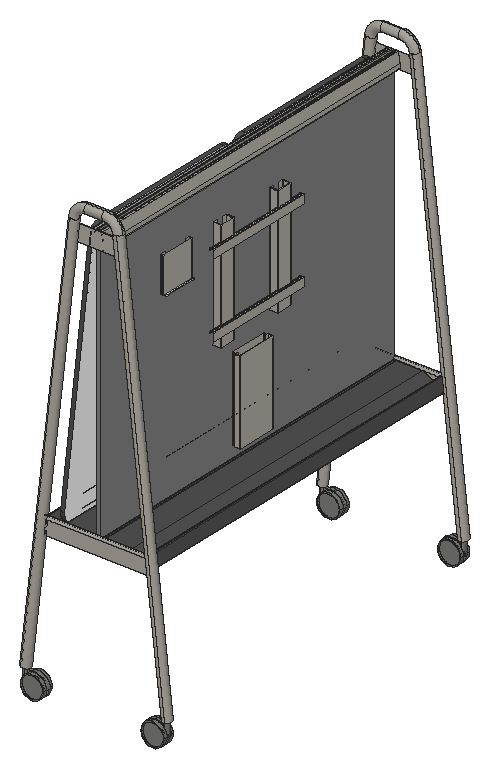
Revit family "Work_Tools_&_Leg_Screens-Teknion-CQCTB_Routes_Tech_Board-R2022", category Furniture, Revit 2022
Family settings
  OmniClass Number = 23.40.20.00
  OmniClass Title = General Furniture and Specialties
  Work Plane-Based = No
  Always vertical = Yes
  Cut with Voids When Loaded = No
  Render Appearance Source = Family Geometry
  Shared = Yes
  Room Calculation Point = No
Parameters (values of type "Two Whiteboard Add Ons, 77" h x 64" w")
  Warranty = "http://www.teknion.com/ca/papers/legal-canada"
  Unit Weight URL = "http://www.teknion.com/ca/tools/assets#&asset=bee6a381-b954-425e-8283-5a2de3a804f2,f828d448-4b62-4231-9e5f-9a8991c0ed77"
  URL = "www.teknion.com"
  To render please download texture images found here [instance] = "https://assets.teknion.com/web/5e81352c1dfdb467/revit-material-swatches/"
  Tackboard Fabric [instance] = Fabric-Teknion-LP18-Intone-Lute
  Sustainability Data = "https://www.teknion.com/ca/tools/assets#&topic=216f99a5-57a0-44fc-b10a-9dee9b29ae4c&asset=444deb64-fe58-4b68-981e-f75e97781df7,b4ff2d81-9f2e-437d-9659-7cffb09c31cf"
  Series = "Routes"  # constant formula
  Right Whiteboard Add On Board = yes
  Right Tackboard Add On Board = no
  Product Page URL = "https://www.teknion.com/ca/products/all-products"
  Product Line = "Routes"  # constant formula
  Product Documentation Link = "https://assets.teknion.com/m/72af4764f50e983c/original/Routes-Reference-Guide.pdf"
  Part Number = "CQCTB"  # constant formula
  Model = "CQCTBW7764S"
  Manufacturer Phone = "416-661-3370"  # constant formula
  Manufacturer Fax = "416.661.4586"  # constant formula
  Manufacturer Contact Information = "http://www.teknion.com/ca/contactus"
  Manufacturer Address = "1150 Flint Road, Toronto, ON. M3J 2J5. Canada"  # constant formula
  Manufacturer = "Teknion"  # constant formula
  Left Whiteboard Add On = yes
  Left Tackboard Add On = no
  How To Use Teknion Materials User Guide [instance] = "https://assets.teknion.com/m/205dd0a49fa58060/original/How-to-add-a-Material-Library-and-Texture-Images-to-your-Revit-project.pdf"
  Frame Finish [instance] = Paint-Teknion-85-Y-Foundation-Clay
  For Additional Finishes please visit [instance] = "https://assets.teknion.com/m/44a8009b046e5d47/original/Teknion_Materials_Library.zip"
  Fixed Board Finish [instance] = Laminate - Teknion - 2S - Greystone
  Description = "Routes Tech Board, Two Whiteboard Add Ons, 77\" Height, 64\" Width, Vesa Screen Mount up to 65\""
  Default Elevation = 0.000"
  Assembly Code = "E2020200"
  2D Add On Board = yes
Reference planes (in)
  plane 1 "Center Front/Back": y = -0.92931
  plane 2: z = 0
  plane 3 "Center Left/Right": x = -0.32293
  plane 4 "Left": x = -12.98106
  plane 5 "Right": x = 12.3352
  plane 6 "Back": y = 31.28349
  plane 7 "Front": y = -33.14211
  plane 8 "Top": z = 77.87003
Forms (in)
  Sweep 1, solid, material "Paint-Teknion-85-Y-Foundation-Clay" <- "Frame Finish"
    path in 3D
      loop
        line (-12.24051, -31.50211, 4.29149) -> (-4.05096, -31.50211, 75.18009)
    profile origin (-8.14574, -31.50211, 39.73579) x (0.315475, 0.948234, -0.036446) y (-0.941969, 0.317573, 0.108823)
      loop
        circle (-0.72648, -0.21556) r 0.75
  Sweep 2, solid, material "Paint-Teknion-85-Y-Foundation-Clay" <- "Frame Finish"
    path origin (0, -0.92931, 0) x (1, 0, 0) y (0, 0, 1)
      loop
        arc (-4.04356, 75.12756) -> (-3.30313, 76.52782) -> (-1.82152, 77.08798) r 2.2395
        line (-1.82152, 77.08798) -> (1.17567, 77.08798)
        arc (1.17567, 77.08798) -> (2.65728, 76.52782) -> (3.39771, 75.12756) r 2.2395
    profile origin (-0.32293, -0.92931, 77.08798) x (0, 0, 1) y (0, -1, 0)
      loop
        circle (0.03405, 31.31253) r 0.75
  Sweep 3, solid, material "Paint-Teknion-85-Y-Foundation-Clay" <- "Frame Finish"
    path in 3D
      loop
        line (11.59466, -31.50211, 4.29149) -> (3.40511, -31.50211, 75.18009)
    profile origin (7.49988, -31.50211, 39.73579) x (0.315475, -0.948234, 0.036446) y (0.941969, 0.317573, 0.108823)
      loop
        circle (0.72648, -0.21556) r 0.75
  Sweep 4, solid, material "Paint-Teknion-85-Y-Foundation-Clay" <- "Frame Finish"
    path origin (-0.32293, 0, 0) x (0, 1, 0) y (0, 0, 1)
      loop
        line (-32.32681, 73.15031) -> (-32.25211, 73.15031)
    profile origin (-0.32293, -32.28946, 73.15031) x (0, 0, 1) y (1, 0, 0)
      loop
        line (1.21983, -3.06138) -> (1.21983, 3.06362) -> (-1.53017, 3.38132) -> (-1.53017, -3.37907) -> (1.21983, -3.06138)
  Sweep 5, solid, material "Paint - Teknion - Mica - Anthracite"
    path origin (-5.7779, -20.86634, 0.81648) x (0, 1, 0) y (-1, 0, 0)
      loop
        line (-11.06077, 4.73731) -> (-10.49577, 4.73731)
    profile origin (-10.51521, -31.64461, 0.81648) x (-1, 0, 0) y (0, 0, 1)
      loop
        circle (0.00391, 1.14732) r 1.96188
  Sweep 6, solid, material "Paint - Teknion - Mica - Anthracite"
    path origin (-5.79896, -22.08134, 1.64815) x (0, 1, 0) y (-1, 0, 0)
      loop
        line (-10.45577, 4.34909) -> (-9.88577, 4.34909)
    profile origin (-10.14805, -32.25211, 1.64815) x (-1, 0, 0) y (0, 0, 1)
      loop
        arc (-1.59082, 0.31879) -> (0.37106, 2.28067) -> (2.33294, 0.31879) r 1.96188
        line (2.33294, 0.31879) -> (2.45938, 0.31879)
        arc (2.45938, 0.31879) -> (2.28891, 1.14404) -> (1.80541, 1.83421) r 2.08282
        line (1.80541, 1.83421) -> (1.80541, 2.34334) -> (0.86576, 2.34334)
        arc (0.86576, 2.34334) -> (-0.9117, 1.9554) -> (-1.70625, 0.31879) r 2.08282
        line (-1.70625, 0.31879) -> (-1.59082, 0.31879)
  Sweep 7, solid, material "Paint - Teknion - Mica - Anthracite"
    path origin (-6.54021, -21.74421, 1.47507) x (-1, 0, 0) y (0, 0, 1)
      loop
        line (5.66303, 2.79995) -> (5.66303, 0.47833)
    profile origin (-12.20324, -21.74421, 3.11421) x (0, 1, 0) y (-1, 0, 0)
      loop
        circle (-10.50525, 0.00179) r 0.40398
  Sweep 8, solid, material "Paint - Teknion - Mica - Anthracite"
    path origin (-15.26033, -43.63787, 0.81648) x (0, -1, 0) y (1, 0, 0)
      loop
        line (-11.06077, 4.73731) -> (-10.49577, 4.73731)
    profile origin (-10.52302, -32.85961, 0.81648) x (1, 0, 0) y (0, 0, 1)
      loop
        circle (0.00391, 1.14732) r 1.96188
  Sweep 9, void
    path origin (-15.28785, -44.02787, 0.8191) x (0, -1, 0) y (1, 0, 0)
      loop
        line (-11.06077, 4.79585) -> (-10.88577, 4.79585)
    profile origin (-10.492, -33.05461, 0.8191) x (1, 0, 0) y (0, 0, 1)
      loop
        circle (-0.03901, 1.14732) r 1.85693
  Sweep 10, void
    path origin (-15.28785, -20.47634, 0.8191) x (0, 1, 0) y (-1, 0, 0)
      loop
        line (-11.06077, -4.79585) -> (-10.88577, -4.79585)
    profile origin (-10.492, -31.44961, 0.8191) x (-1, 0, 0) y (0, 0, 1)
      loop
        circle (0.03901, 1.14732) r 1.85693
  Sweep 11, solid, material "Paint - Teknion - Mica - Anthracite"
    path origin (5.13205, -20.86634, 0.81648) x (0, 1, 0) y (-1, 0, 0)
      loop
        line (-11.06077, -4.73731) -> (-10.49577, -4.73731)
    profile origin (9.86936, -31.64461, 0.81648) x (-1, 0, 0) y (0, 0, 1)
      loop
        circle (-0.00391, 1.14732) r 1.96188
  Sweep 12, solid, material "Paint - Teknion - Mica - Anthracite"
    path origin (5.89436, -21.74421, 1.47507) x (1, 0, 0) y (0, 0, -1)
      loop
        line (5.66303, -2.79995) -> (5.66303, -0.47833)
    profile origin (11.55738, -21.74421, 3.11421) x (0, 1, 0) y (-1, 0, 0)
      loop
        circle (-10.50525, -0.00179) r 0.40398
  Sweep 13, solid, material "Paint - Teknion - Mica - Anthracite"
    path origin (14.61448, -43.63787, 0.81648) x (0, -1, 0) y (1, 0, 0)
      loop
        line (-11.06077, -4.73731) -> (-10.49577, -4.73731)
    profile origin (9.87717, -32.85961, 0.81648) x (1, 0, 0) y (0, 0, 1)
      loop
        circle (-0.00391, 1.14732) r 1.96188
  Sweep 14, void
    path origin (14.64199, -44.02787, 0.8191) x (0, -1, 0) y (1, 0, 0)
      loop
        line (-11.06077, -4.79585) -> (-10.88577, -4.79585)
    profile origin (9.84614, -33.05461, 0.8191) x (1, 0, 0) y (0, 0, 1)
      loop
        circle (0.03901, 1.14732) r 1.85693
  Sweep 15, void
    path origin (14.64199, -20.47634, 0.8191) x (0, 1, 0) y (-1, 0, 0)
      loop
        line (-11.06077, 4.79585) -> (-10.88577, 4.79585)
    profile origin (9.84614, -31.44961, 0.8191) x (-1, 0, 0) y (0, 0, 1)
      loop
        circle (-0.03901, 1.14732) r 1.85693
  Sweep 16, solid, material "Paint-Teknion-85-Y-Foundation-Clay" <- "Frame Finish"
    path in 3D
      loop
        line (-12.24051, 31.14349, 4.29149) -> (-4.05096, 31.14349, 75.18009)
    profile origin (-8.14574, 31.14349, 39.73579) x (0.315475, 0.948234, -0.036446) y (-0.941969, 0.317573, 0.108823)
      loop
        circle (-0.72648, -0.21556) r 0.75
  Sweep 17, solid, material "Paint-Teknion-85-Y-Foundation-Clay" <- "Frame Finish"
    path origin (0, 61.71629, 0) x (1, 0, 0) y (0, 0, 1)
      loop
        arc (-4.04356, 75.12756) -> (-3.30313, 76.52782) -> (-1.82152, 77.08798) r 2.2395
        line (-1.82152, 77.08798) -> (1.17567, 77.08798)
        arc (1.17567, 77.08798) -> (2.65728, 76.52782) -> (3.39771, 75.12756) r 2.2395
    profile origin (-0.32293, 61.71629, 77.08798) x (0, 0, 1) y (0, -1, 0)
      loop
        circle (0.03405, 31.31253) r 0.75
  Sweep 18, solid, material "Paint-Teknion-85-Y-Foundation-Clay" <- "Frame Finish"
    path in 3D
      loop
        line (11.59466, 31.14349, 4.29149) -> (3.40511, 31.14349, 75.18009)
    profile origin (7.49988, 31.14349, 39.73579) x (0.315475, -0.948234, 0.036446) y (0.941969, 0.317573, 0.108823)
      loop
        circle (0.72648, -0.21556) r 0.75
  Sweep 19, solid, material "Paint-Teknion-85-Y-Foundation-Clay" <- "Frame Finish"
    path origin (-0.32293, 62.6456, 0) x (0, 1, 0) y (0, 0, 1)
      loop
        line (-32.32681, 73.15031) -> (-32.25211, 73.15031)
    profile origin (-0.32293, 30.35614, 73.15031) x (0, 0, 1) y (1, 0, 0)
      loop
        line (1.21983, -3.06138) -> (1.21983, 3.06362) -> (-1.53017, 3.38132) -> (-1.53017, -3.37907) -> (1.21983, -3.06138)
  Sweep 20, solid, material "Paint - Teknion - Mica - Anthracite"
    path origin (5.1531, -22.08134, 1.64815) x (0, 1, 0) y (-1, 0, 0)
      loop
        line (-10.45577, -4.34909) -> (-9.88577, -4.34909)
    profile origin (9.50219, -32.25211, 1.64815) x (-1, 0, 0) y (0, 0, 1)
      loop
        line (1.59082, 0.31879) -> (1.70625, 0.31879)
        arc (1.70625, 0.31879) -> (0.9117, 1.9554) -> (-0.86576, 2.34334) r 2.08282
        line (-0.86576, 2.34334) -> (-1.80541, 2.34334) -> (-1.80541, 1.83421)
        arc (-1.80541, 1.83421) -> (-2.28891, 1.14404) -> (-2.45938, 0.31879) r 2.08282
        line (-2.45938, 0.31879) -> (-2.33294, 0.31879)
        arc (-2.33294, 0.31879) -> (-0.37106, 2.28067) -> (1.59082, 0.31879) r 1.96188
  Sweep 21, solid, material "Paint - Teknion - Mica - Anthracite"
    path origin (-5.7779, 41.77926, 0.81648) x (0, 1, 0) y (-1, 0, 0)
      loop
        line (-11.06077, 4.73731) -> (-10.49577, 4.73731)
    profile origin (-10.51521, 31.00099, 0.81648) x (-1, 0, 0) y (0, 0, 1)
      loop
        circle (0.00391, 1.14732) r 1.96188
  Sweep 22, solid, material "Paint - Teknion - Mica - Anthracite"
    path origin (-5.79896, 40.56426, 1.64815) x (0, 1, 0) y (-1, 0, 0)
      loop
        line (-10.45577, 4.34909) -> (-9.88577, 4.34909)
    profile origin (-10.14805, 30.39349, 1.64815) x (-1, 0, 0) y (0, 0, 1)
      loop
        arc (-1.59082, 0.31879) -> (0.37106, 2.28067) -> (2.33294, 0.31879) r 1.96188
        line (2.33294, 0.31879) -> (2.45938, 0.31879)
        arc (2.45938, 0.31879) -> (2.28891, 1.14404) -> (1.80541, 1.83421) r 2.08282
        line (1.80541, 1.83421) -> (1.80541, 2.34334) -> (0.86576, 2.34334)
        arc (0.86576, 2.34334) -> (-0.9117, 1.9554) -> (-1.70625, 0.31879) r 2.08282
        line (-1.70625, 0.31879) -> (-1.59082, 0.31879)
  Sweep 23, solid, material "Paint - Teknion - Mica - Anthracite"
    path origin (-6.54021, 40.90139, 1.47507) x (-1, 0, 0) y (0, 0, 1)
      loop
        line (5.66303, 2.79995) -> (5.66303, 0.47833)
    profile origin (-12.20324, 40.90139, 3.11421) x (0, 1, 0) y (-1, 0, 0)
      loop
        circle (-10.50525, 0.00179) r 0.40398
  Sweep 24, solid, material "Paint - Teknion - Mica - Anthracite"
    path origin (-15.26033, 19.00773, 0.81648) x (0, -1, 0) y (1, 0, 0)
      loop
        line (-11.06077, 4.73731) -> (-10.49577, 4.73731)
    profile origin (-10.52302, 29.78599, 0.81648) x (1, 0, 0) y (0, 0, 1)
      loop
        circle (0.00391, 1.14732) r 1.96188
  Sweep 25, void
    path origin (-15.28785, 18.61773, 0.8191) x (0, -1, 0) y (1, 0, 0)
      loop
        line (-11.06077, 4.79585) -> (-10.88577, 4.79585)
    profile origin (-10.492, 29.59099, 0.8191) x (1, 0, 0) y (0, 0, 1)
      loop
        circle (-0.03901, 1.14732) r 1.85693
  Sweep 26, void
    path origin (-15.28785, 42.16926, 0.8191) x (0, 1, 0) y (-1, 0, 0)
      loop
        line (-11.06077, -4.79585) -> (-10.88577, -4.79585)
    profile origin (-10.492, 31.19599, 0.8191) x (-1, 0, 0) y (0, 0, 1)
      loop
        circle (0.03901, 1.14732) r 1.85693
  Sweep 27, solid, material "Paint - Teknion - Mica - Anthracite"
    path origin (5.13205, 41.77926, 0.81648) x (0, 1, 0) y (-1, 0, 0)
      loop
        line (-11.06077, -4.73731) -> (-10.49577, -4.73731)
    profile origin (9.86936, 31.00099, 0.81648) x (-1, 0, 0) y (0, 0, 1)
      loop
        circle (-0.00391, 1.14732) r 1.96188
  Sweep 28, solid, material "Paint - Teknion - Mica - Anthracite"
    path origin (5.89436, 40.90139, 1.47507) x (1, 0, 0) y (0, 0, -1)
      loop
        line (5.66303, -2.79995) -> (5.66303, -0.47833)
    profile origin (11.55738, 40.90139, 3.11421) x (0, 1, 0) y (-1, 0, 0)
      loop
        circle (-10.50525, -0.00179) r 0.40398
  Sweep 29, solid, material "Paint - Teknion - Mica - Anthracite"
    path origin (14.61448, 19.00773, 0.81648) x (0, -1, 0) y (1, 0, 0)
      loop
        line (-11.06077, -4.73731) -> (-10.49577, -4.73731)
    profile origin (9.87717, 29.78599, 0.81648) x (1, 0, 0) y (0, 0, 1)
      loop
        circle (-0.00391, 1.14732) r 1.96188
  Sweep 30, void
    path origin (14.64199, 18.61773, 0.8191) x (0, -1, 0) y (1, 0, 0)
      loop
        line (-11.06077, -4.79585) -> (-10.88577, -4.79585)
    profile origin (9.84614, 29.59099, 0.8191) x (1, 0, 0) y (0, 0, 1)
      loop
        circle (0.03901, 1.14732) r 1.85693
  Sweep 31, void
    path origin (14.64199, 42.16926, 0.8191) x (0, 1, 0) y (-1, 0, 0)
      loop
        line (-11.06077, 4.79585) -> (-10.88577, 4.79585)
    profile origin (9.84614, 31.19599, 0.8191) x (-1, 0, 0) y (0, 0, 1)
      loop
        circle (-0.03901, 1.14732) r 1.85693
  Sweep 32, solid, material "Paint - Teknion - Mica - Anthracite"
    path origin (5.1531, 40.56426, 1.64815) x (0, 1, 0) y (-1, 0, 0)
      loop
        line (-10.45577, -4.34909) -> (-9.88577, -4.34909)
    profile origin (9.50219, 30.39349, 1.64815) x (-1, 0, 0) y (0, 0, 1)
      loop
        line (1.59082, 0.31879) -> (1.70625, 0.31879)
        arc (1.70625, 0.31879) -> (0.9117, 1.9554) -> (-0.86576, 2.34334) r 2.08282
        line (-0.86576, 2.34334) -> (-1.80541, 2.34334) -> (-1.80541, 1.83421)
        arc (-1.80541, 1.83421) -> (-2.28891, 1.14404) -> (-2.45938, 0.31879) r 2.08282
        line (-2.45938, 0.31879) -> (-2.33294, 0.31879)
        arc (-2.33294, 0.31879) -> (-0.37106, 2.28067) -> (1.59082, 0.31879) r 1.96188
  Sweep 33, solid, material "Paint - Teknion - Foundation - Ebony"
    path origin (0, 0, 0) x (1, 0, 0) y (0, 1, 0)
      loop
        line (-0.32293, 29.89349) -> (-0.32293, -31.75211)
    profile origin (-0.32293, -0.92931, 0) x (1, 0, 0) y (0, 0, 1)
      loop
        arc (8.69542, 27.95601) -> (8.56829, 28.08765) -> (8.41061, 27.99477) r 0.1478
        line (8.41061, 27.99477) -> (7.96938, 26.86014)
        arc (7.96938, 26.86014) -> (7.73111, 26.62732) -> (7.399, 26.65339) r 0.403
        line (7.399, 26.65339) -> (5.45612, 27.72604) -> (0.42612, 27.72604) -> (0.42612, 26.75604)
        arc (0.42612, 26.75604) -> (0.41734, 26.73482) -> (0.39612, 26.72604) r 0.03
        line (0.39612, 26.72604) -> (-0.39388, 26.72604)
        arc (-0.39388, 26.72604) -> (-0.41509, 26.73482) -> (-0.42388, 26.75604) r 0.03
        line (-0.42388, 26.75604) -> (-0.42388, 27.72604) -> (-5.45388, 27.72604) -> (-7.39675, 26.65339)
        arc (-7.39675, 26.65339) -> (-7.72886, 26.62732) -> (-7.96713, 26.86014) r 0.403
        line (-7.96713, 26.86014) -> (-8.40836, 27.99477)
        arc (-8.40836, 27.99477) -> (-8.56604, 28.08765) -> (-8.69317, 27.95601) r 0.1478
        line (-8.69317, 27.95601) -> (-8.92367, 25.66689)
        arc (-8.92367, 25.66689) -> (-8.87914, 25.61238) -> (-8.82464, 25.65691) r 0.04977
        line (-8.82464, 25.65691) -> (-8.77953, 26.10488) -> (-8.831, 26.11006) -> (-8.64561, 27.95122)
        arc (-8.64561, 27.95122) -> (-8.5596, 28.04029) -> (-8.45291, 27.97745) r 0.1
        line (-8.45291, 27.97745) -> (-8.01168, 26.84281)
        arc (-8.01168, 26.84281) -> (-7.74515, 26.58238) -> (-7.37364, 26.61155) r 0.4508
        line (-7.37364, 26.61155) -> (-5.44156, 27.67824) -> (-0.92388, 27.67824) -> (-0.92388, 27.60354) -> (-0.52858, 27.60354)
        arc (-0.52858, 27.60354) -> (-0.50736, 27.59475) -> (-0.49858, 27.57354) r 0.03
        line (-0.49858, 27.57354) -> (-0.49858, 26.75604)
        arc (-0.49858, 26.75604) -> (-0.46791, 26.682) -> (-0.39388, 26.65134) r 0.1047
        line (-0.39388, 26.65134) -> (0.39612, 26.65134)
        arc (0.39612, 26.65134) -> (0.47016, 26.682) -> (0.50082, 26.75604) r 0.1047
        line (0.50082, 26.75604) -> (0.50082, 27.57354)
        arc (0.50082, 27.57354) -> (0.50961, 27.59475) -> (0.53082, 27.60354) r 0.03
        line (0.53082, 27.60354) -> (0.92612, 27.60354) -> (0.92612, 27.67824) -> (5.44381, 27.67824) -> (7.37589, 26.61155)
        arc (7.37589, 26.61155) -> (7.74739, 26.58238) -> (8.01393, 26.84281) r 0.4508
        line (8.01393, 26.84281) -> (8.45516, 27.97745)
        arc (8.45516, 27.97745) -> (8.56185, 28.04029) -> (8.64786, 27.95122) r 0.1
        line (8.64786, 27.95122) -> (8.83325, 26.11006) -> (8.78178, 26.10488) -> (8.82689, 25.65691)
        arc (8.82689, 25.65691) -> (8.88139, 25.61238) -> (8.92592, 25.66689) r 0.04977
        line (8.92592, 25.66689) -> (8.69542, 27.95601)
  Sweep 34, solid, material "Paint-Teknion-85-Y-Foundation-Clay" <- "Frame Finish"
    path origin (0, 0, 0) x (1, 0, 0) y (0, 1, 0)
      loop
        line (-9.31799, 30.56879) -> (8.68201, 30.56879)
    profile origin (-0.31799, 30.56879, 0) x (0, 1, 0) y (0, 0, 1)
      loop
        arc (0.0747, 27.73009) -> (-0.3003, 28.10509) -> (-0.6753, 27.73009) r 0.375
        line (-0.6753, 27.73009) -> (-0.6753, 25.35509) -> (-0.6006, 25.35509) -> (-0.6006, 27.73009)
        arc (-0.6006, 27.73009) -> (-0.3003, 28.03039) -> (0, 27.73009) r 0.3003
        line (0, 27.73009) -> (0, 25.35509) -> (0.0747, 25.35509) -> (0.0747, 27.73009)
  Sweep 35, solid, material "Paint-Teknion-85-Y-Foundation-Clay" <- "Frame Finish"
    path origin (0, -62.3956, 0) x (1, 0, 0) y (0, 1, 0)
      loop
        line (-9.32562, 30.56879) -> (8.67438, 30.56879)
    profile origin (-0.32562, -31.82681, 0) x (0, 1, 0) y (0, 0, 1)
      loop
        arc (0.0747, 27.73009) -> (-0.3003, 28.10509) -> (-0.6753, 27.73009) r 0.375
        line (-0.6753, 27.73009) -> (-0.6753, 25.35509) -> (-0.6006, 25.35509) -> (-0.6006, 27.73009)
        arc (-0.6006, 27.73009) -> (-0.3003, 28.03039) -> (0, 27.73009) r 0.3003
        line (0, 27.73009) -> (0, 25.35509) -> (0.0747, 25.35509) -> (0.0747, 27.73009)
  Sweep 36, solid, material "Laminate - Teknion - 2S - Greystone" <- "Fixed Board Finish"
    path origin (-0.64585, 0, 0) x (-1, 0, 0) y (0, 1, 0)
      loop
        line (-0.68055, -0.92931) -> (0.0347, -0.92931)
    profile origin (-0.32293, -0.92931, 0) x (0, -1, 0) y (0, 0, 1)
      loop
        line (30.77747, 74.23244) -> (-30.94227, 74.23244) -> (-30.94227, 26.76541) -> (30.77747, 26.76541) -> (30.77747, 74.23244)
  Sweep 37, solid, material "Paint-Teknion-85-Y-Foundation-Clay" <- "Frame Finish"
    path origin (0, 0, 0) x (1, 0, 0) y (0, 1, 0)
      loop
        line (-0.32293, 30.31879) -> (-0.32293, -32.25211)
    profile origin (-0.32293, -0.96666, 0) x (1, 0, 0) y (0, 0, 1)
      loop
        line (-0.92919, 74.24209) -> (-1.14568, 72.51024) -> (-1.14568, 71.76304)
        arc (-1.14568, 71.76304) -> (-1.12289, 71.70803) -> (-1.06788, 71.68524) r 0.0778
        line (-1.06788, 71.68524) -> (-0.35788, 71.68524) -> (-0.35788, 71.73304) -> (-1.06788, 71.73304)
        arc (-1.06788, 71.73304) -> (-1.08909, 71.74183) -> (-1.09788, 71.76304) r 0.03
        line (-1.09788, 71.76304) -> (-1.09788, 72.50727) -> (-0.88176, 74.23616)
        arc (-0.88176, 74.23616) -> (-0.87185, 74.25493) -> (-0.852, 74.26244) r 0.03
        line (-0.852, 74.26244) -> (-0.37348, 74.26244)
        arc (-0.37348, 74.26244) -> (-0.35226, 74.25366) -> (-0.34348, 74.23244) r 0.03
        line (-0.34348, 74.23244) -> (-0.34348, 74.02774)
        arc (-0.34348, 74.02774) -> (-0.32069, 73.97273) -> (-0.26568, 73.94994) r 0.0778
        line (-0.26568, 73.94994) -> (0.26792, 73.94994)
        arc (0.26792, 73.94994) -> (0.32294, 73.97273) -> (0.34572, 74.02774) r 0.0778
        line (0.34572, 74.02774) -> (0.34572, 74.23244)
        arc (0.34572, 74.23244) -> (0.35451, 74.25366) -> (0.37572, 74.26244) r 0.03
        line (0.37572, 74.26244) -> (0.85424, 74.26244)
        arc (0.85424, 74.26244) -> (0.87565, 74.25358) -> (0.88451, 74.23218) r 0.03027
        line (0.88451, 74.23218) -> (1.10012, 72.50727) -> (1.10012, 71.76304)
        arc (1.10012, 71.76304) -> (1.09134, 71.74183) -> (1.07012, 71.73304) r 0.03
        line (1.07012, 71.73304) -> (0.36012, 71.73304) -> (0.36012, 71.68524) -> (1.07012, 71.68524)
        arc (1.07012, 71.68524) -> (1.12514, 71.70803) -> (1.14792, 71.76304) r 0.0778
        line (1.14792, 71.76304) -> (1.14792, 72.51024) -> (0.93144, 74.24209)
        arc (0.93144, 74.24209) -> (0.90573, 74.29077) -> (0.85424, 74.31024) r 0.0778
        line (0.85424, 74.31024) -> (0.37572, 74.31024)
        arc (0.37572, 74.31024) -> (0.32071, 74.28746) -> (0.29792, 74.23244) r 0.0778
        line (0.29792, 74.23244) -> (0.29792, 74.02774)
        arc (0.29792, 74.02774) -> (0.28914, 74.00653) -> (0.26792, 73.99774) r 0.03
        line (0.26792, 73.99774) -> (-0.26568, 73.99774)
        arc (-0.26568, 73.99774) -> (-0.28689, 74.00653) -> (-0.29568, 74.02774) r 0.03
        line (-0.29568, 74.02774) -> (-0.29568, 74.23244)
        arc (-0.29568, 74.23244) -> (-0.31846, 74.28746) -> (-0.37348, 74.31024) r 0.0778
        line (-0.37348, 74.31024) -> (-0.852, 74.31024)
        arc (-0.852, 74.31024) -> (-0.90348, 74.29077) -> (-0.92919, 74.24209) r 0.0778
  Sweep 38, solid, material "Fabric-Teknion-LP18-Intone-Lute" <- "Tackboard Fabric", visible <- "Left Tackboard Add On"
    path origin (-0.33229, -0.92931, -0.14177) x (-1, 0, 0) y (0, 0, 1)
      loop
        line (6.35613, 27.01658) -> (7.06504, 27.09286)
    profile origin (-7.04288, -0.92931, 26.91295) x (-0.106981, 0, -0.994261) y (0, -1, 0)
      loop
        line (-45.5, -29.27795) -> (-2, -29.27795)
        arc (-2, -29.27795) -> (-0.58579, -28.69216) -> (0, -27.27795) r 2
        line (0, -27.27795) -> (0, -1.77795)
        arc (0, -1.77795) -> (-0.58579, -0.36373) -> (-2, 0.22205) r 2
        line (-2, 0.22205) -> (-45.5, 0.22205)
        arc (-45.5, 0.22205) -> (-46.91421, -0.36373) -> (-47.5, -1.77795) r 2
        line (-47.5, -1.77795) -> (-47.5, -27.27795)
        arc (-47.5, -27.27795) -> (-46.91421, -28.69216) -> (-45.5, -29.27795) r 2
  Sweep 39, solid, material "Paint-Teknion-85-Y-Foundation-Clay" <- "Frame Finish"
    path origin (-0.32293, 0, 0) x (0, 1, 0) y (0, 0, 1)
      loop
        line (-0.92931, 43.68641) -> (-0.92931, 29.68641)
    profile origin (-0.32293, -0.92931, 36.68641) x (1, 0, 0) y (0, 1, 0)
      loop
        line (1.85838, 3.5824) -> (1.11448, 3.5824)
        arc (1.11448, 3.5824) -> (1.06711, 3.56278) -> (1.04748, 3.5154) r 0.067
        line (1.04748, 3.5154) -> (1.04748, 3.3949) -> (0.48938, 3.3949)
        arc (0.48938, 3.3949) -> (0.44208, 3.37531) -> (0.42248, 3.328) r 0.0669
        line (0.42248, 3.328) -> (0.42248, -3.1632)
        arc (0.42248, -3.1632) -> (0.44208, -3.21051) -> (0.48938, -3.2301) r 0.0669
        line (0.48938, -3.2301) -> (1.04748, -3.2301) -> (1.04748, -3.3506)
        arc (1.04748, -3.3506) -> (1.06711, -3.39798) -> (1.11448, -3.4176) r 0.067
        line (1.11448, -3.4176) -> (1.85548, -3.4176)
        arc (1.85548, -3.4176) -> (1.90286, -3.39798) -> (1.92248, -3.3506) r 0.067
        line (1.92248, -3.3506) -> (1.92248, 3.5183)
        arc (1.92248, 3.5183) -> (1.90371, 3.56363) -> (1.85838, 3.5824) r 0.0641
      loop
        line (1.88648, -3.3506) -> (1.88648, 3.5183)
        arc (1.88648, 3.5183) -> (1.87825, 3.53817) -> (1.85838, 3.5464) r 0.0281
        line (1.85838, 3.5464) -> (1.11448, 3.5464)
        arc (1.11448, 3.5464) -> (1.09256, 3.53732) -> (1.08348, 3.5154) r 0.031
        line (1.08348, 3.5154) -> (1.08348, 3.0824) -> (1.04748, 3.0824) -> (1.04748, 3.359) -> (0.48938, 3.359)
        arc (0.48938, 3.359) -> (0.46746, 3.34992) -> (0.45838, 3.328) r 0.031
        line (0.45838, 3.328) -> (0.45838, -3.1632)
        arc (0.45838, -3.1632) -> (0.46746, -3.18512) -> (0.48938, -3.1942) r 0.031
        line (0.48938, -3.1942) -> (1.04748, -3.1942) -> (1.04748, -2.9176) -> (1.08348, -2.9176) -> (1.08348, -3.3506)
        arc (1.08348, -3.3506) -> (1.09256, -3.37252) -> (1.11448, -3.3816) r 0.031
        line (1.11448, -3.3816) -> (1.85548, -3.3816)
        arc (1.85548, -3.3816) -> (1.8774, -3.37252) -> (1.88648, -3.3506) r 0.031
  Sweep 40, solid, material "Paint-Teknion-85-Y-Foundation-Clay" <- "Frame Finish"
    path origin (-0.32293, 0, 0) x (0, 1, 0) y (0, 0, 1)
      loop
        line (-0.92931, 46.68641) -> (-0.92931, 65.18641)
    profile origin (-0.32293, -0.92931, 55.93641) x (0, -1, 0) y (1, 0, 0)
      loop
        line (-7.3524, 1.78338) -> (-4.8124, 1.78338)
        arc (-4.8124, 1.78338) -> (-4.79119, 1.77459) -> (-4.7824, 1.75338) r 0.03
        line (-4.7824, 1.75338) -> (-4.7824, 0.46338)
        arc (-4.7824, 0.46338) -> (-4.79119, 0.44217) -> (-4.8124, 0.43338) r 0.03
        line (-4.8124, 0.43338) -> (-5.3074, 0.43338) -> (-5.3074, 0.35838) -> (-4.8124, 0.35838)
        arc (-4.8124, 0.35838) -> (-4.73815, 0.38914) -> (-4.7074, 0.46338) r 0.105
        line (-4.7074, 0.46338) -> (-4.7074, 1.75338)
        arc (-4.7074, 1.75338) -> (-4.73815, 1.82763) -> (-4.8124, 1.85838) r 0.105
        line (-4.8124, 1.85838) -> (-7.3524, 1.85838)
        arc (-7.3524, 1.85838) -> (-7.42665, 1.82763) -> (-7.4574, 1.75338) r 0.105
        line (-7.4574, 1.75338) -> (-7.4574, 0.46338)
        arc (-7.4574, 0.46338) -> (-7.42665, 0.38914) -> (-7.3524, 0.35838) r 0.105
        line (-7.3524, 0.35838) -> (-6.7074, 0.35838) -> (-6.7074, 0.43338) -> (-7.3524, 0.43338)
        arc (-7.3524, 0.43338) -> (-7.37361, 0.44217) -> (-7.3824, 0.46338) r 0.03
        line (-7.3824, 0.46338) -> (-7.3824, 1.75338)
        arc (-7.3824, 1.75338) -> (-7.37361, 1.77459) -> (-7.3524, 1.78338) r 0.03
      loop
        arc (7.1876, 1.78338) -> (7.20881, 1.77459) -> (7.2176, 1.75338) r 0.03
        line (7.2176, 1.75338) -> (7.2176, 0.46338)
        arc (7.2176, 0.46338) -> (7.20881, 0.44217) -> (7.1876, 0.43338) r 0.03
        line (7.1876, 0.43338) -> (6.5426, 0.43338) -> (6.5426, 0.35838) -> (7.1876, 0.35838)
        arc (7.1876, 0.35838) -> (7.26185, 0.38914) -> (7.2926, 0.46338) r 0.105
        line (7.2926, 0.46338) -> (7.2926, 1.75338)
        arc (7.2926, 1.75338) -> (7.26185, 1.82763) -> (7.1876, 1.85838) r 0.105
        line (7.1876, 1.85838) -> (4.6476, 1.85838)
        arc (4.6476, 1.85838) -> (4.57335, 1.82763) -> (4.5426, 1.75338) r 0.105
        line (4.5426, 1.75338) -> (4.5426, 0.46338)
        arc (4.5426, 0.46338) -> (4.57335, 0.38914) -> (4.6476, 0.35838) r 0.105
        line (4.6476, 0.35838) -> (5.1426, 0.35838) -> (5.1426, 0.43338) -> (4.6476, 0.43338)
        arc (4.6476, 0.43338) -> (4.62639, 0.44217) -> (4.6176, 0.46338) r 0.03
        line (4.6176, 0.46338) -> (4.6176, 1.75338)
        arc (4.6176, 1.75338) -> (4.62639, 1.77459) -> (4.6476, 1.78338) r 0.03
        line (4.6476, 1.78338) -> (7.1876, 1.78338)
  Sweep 41, solid, material "Paint-Teknion-85-Y-Foundation-Clay" <- "Frame Finish"
    path origin (-0.32293, 0, 0) x (0, 1, 0) y (0, 0, 1)
      loop
        line (-10.34691, 62.0336) -> (8.65309, 62.0336)
    profile origin (-0.32293, -0.84691, 62.0336) x (0, 0, 1) y (1, 0, 0)
      loop
        arc (0.653, 2.25238) -> (0.62195, 2.32733) -> (0.547, 2.35838) r 0.106
        line (0.547, 2.35838) -> (-0.747, 2.35838) -> (-0.747, 2.28338) -> (0.547, 2.28338)
        arc (0.547, 2.28338) -> (0.56892, 2.2743) -> (0.578, 2.25238) r 0.031
        line (0.578, 2.25238) -> (0.578, 1.79838)
        arc (0.578, 1.79838) -> (0.57075, 1.77845) -> (0.55238, 1.76785) r 0.031
        line (0.55238, 1.76785) -> (0.33068, 1.72876) -> (0.3437, 1.6549) -> (0.56541, 1.69399)
        arc (0.56541, 1.69399) -> (0.6282, 1.73025) -> (0.653, 1.79838) r 0.106
        line (0.653, 1.79838) -> (0.653, 2.25238)
      loop
        arc (-11.94543, 2.25238) -> (-11.97647, 2.32733) -> (-12.05143, 2.35838) r 0.106
        line (-12.05143, 2.35838) -> (-13.34543, 2.35838) -> (-13.34543, 2.28338) -> (-12.05143, 2.28338)
        arc (-12.05143, 2.28338) -> (-12.0295, 2.2743) -> (-12.02043, 2.25238) r 0.031
        line (-12.02043, 2.25238) -> (-12.02043, 1.79838)
        arc (-12.02043, 1.79838) -> (-12.02768, 1.77845) -> (-12.04604, 1.76785) r 0.031
        line (-12.04604, 1.76785) -> (-12.26775, 1.72876) -> (-12.25473, 1.6549) -> (-12.03302, 1.69399)
        arc (-12.03302, 1.69399) -> (-11.97022, 1.73025) -> (-11.94543, 1.79838) r 0.106
        line (-11.94543, 1.79838) -> (-11.94543, 2.25238)
  Sweep 42, solid, material "Paint-Teknion-85-Y-Foundation-Clay" <- "Frame Finish"
    path origin (-0.32293, 0, 0) x (0, 1, 0) y (0, 0, 1)
      loop
        line (-16.22191, 65.18641) -> (-16.22191, 59.15041)
    profile origin (-0.32293, -16.22191, 62.16841) x (1, 0, 0) y (0, 1, 0)
      loop
        line (0.83138, 3) -> (0.46538, 3)
        arc (0.46538, 3) -> (0.41801, 2.98038) -> (0.39838, 2.933) r 0.067
        line (0.39838, 2.933) -> (0.39838, 2.25) -> (0.43438, 2.25) -> (0.43438, 2.933)
        arc (0.43438, 2.933) -> (0.44346, 2.95492) -> (0.46538, 2.964) r 0.031
        line (0.46538, 2.964) -> (0.83138, 2.964)
        arc (0.83138, 2.964) -> (0.8533, 2.95492) -> (0.86238, 2.933) r 0.031
        line (0.86238, 2.933) -> (0.86238, -2.933)
        arc (0.86238, -2.933) -> (0.8533, -2.95492) -> (0.83138, -2.964) r 0.031
        line (0.83138, -2.964) -> (0.46538, -2.964)
        arc (0.46538, -2.964) -> (0.44346, -2.95492) -> (0.43438, -2.933) r 0.031
        line (0.43438, -2.933) -> (0.43438, -2.25) -> (0.39838, -2.25) -> (0.39838, -2.933)
        arc (0.39838, -2.933) -> (0.41801, -2.98038) -> (0.46538, -3) r 0.067
        line (0.46538, -3) -> (0.83138, -3)
        arc (0.83138, -3) -> (0.87876, -2.98038) -> (0.89838, -2.933) r 0.067
        line (0.89838, -2.933) -> (0.89838, 2.933)
        arc (0.89838, 2.933) -> (0.87876, 2.98038) -> (0.83138, 3) r 0.067
  Sweep 43, solid
    path origin (-0.32293, 0, 0) x (0, 1, 0) y (0, 0, 1)
      loop
        line (-16.22191, 59.15041) -> (-16.22191, 59.21741)
    profile origin (-0.32293, -16.22191, 59.18391) x (0, -1, 0) y (1, 0, 0)
      loop
        line (-2.9, 0.86238) -> (2.9, 0.86238) -> (2.9, 1.14838)
        arc (2.9, 1.14838) -> (2.82678, 1.32516) -> (2.65, 1.39838) r 0.25
        line (2.65, 1.39838) -> (-2.65, 1.39838)
        arc (-2.65, 1.39838) -> (-2.82678, 1.32516) -> (-2.9, 1.14838) r 0.25
        line (-2.9, 1.14838) -> (-2.9, 0.86238)
  Sweep 44, solid, material "Fabric-Teknion-LP18-Intone-Lute" <- "Tackboard Fabric", visible <- "Right Tackboard Add On Board"
    path origin (-0.33229, -29.9852, -0.14177) x (-1, 0, 0) y (0, 0, 1)
      loop
        line (6.35613, 27.01658) -> (7.06504, 27.09286)
    profile origin (-7.04288, -29.9852, 26.91295) x (-0.106981, 0, -0.994261) y (0, -1, 0)
      loop
        line (-45.5, -28.27862) -> (-2, -28.27862)
        arc (-2, -28.27862) -> (-0.58579, -27.69284) -> (0, -26.27862) r 2
        line (0, -26.27862) -> (0, -0.77862)
        arc (0, -0.77862) -> (-0.58579, 0.63559) -> (-2, 1.22138) r 2
        line (-2, 1.22138) -> (-45.5, 1.22138)
        arc (-45.5, 1.22138) -> (-46.91421, 0.63559) -> (-47.5, -0.77862) r 2
        line (-47.5, -0.77862) -> (-47.5, -26.27862)
        arc (-47.5, -26.27862) -> (-46.91421, -27.69284) -> (-45.5, -28.27862) r 2
  Sweep 45, solid, material "Metal-Teknion-WZ-Whiteboard", visible <- "Right Whiteboard Add On Board"
    path origin (-0.33229, -30.98453, -0.14177) x (-1, 0, 0) y (0, 0, 1)
      loop
        line (6.35613, 27.01658) -> (7.06504, 27.09286)
    profile origin (-7.04288, -30.98453, 26.91295) x (-0.106981, 0, -0.994261) y (0, -1, 0)
      loop
        line (-45.5, -29.27795) -> (-2, -29.27795)
        arc (-2, -29.27795) -> (-0.58579, -28.69216) -> (0, -27.27795) r 2
        line (0, -27.27795) -> (0, -1.77795)
        arc (0, -1.77795) -> (-0.58579, -0.36373) -> (-2, 0.22205) r 2
        line (-2, 0.22205) -> (-45.5, 0.22205)
        arc (-45.5, 0.22205) -> (-46.91421, -0.36373) -> (-47.5, -1.77795) r 2
        line (-47.5, -1.77795) -> (-47.5, -27.27795)
        arc (-47.5, -27.27795) -> (-46.91421, -28.69216) -> (-45.5, -29.27795) r 2
  Sweep 46, solid, material "Metal-Teknion-WZ-Whiteboard", visible <- "Left Whiteboard Add On"
    path origin (-0.33229, -0.92931, -0.14177) x (-1, 0, 0) y (0, 0, 1)
      loop
        line (6.35613, 27.01658) -> (7.06504, 27.09286)
    profile origin (-7.04288, -0.92931, 26.91295) x (-0.106981, 0, -0.994261) y (0, -1, 0)
      loop
        line (-45.5, -29.27795) -> (-2, -29.27795)
        arc (-2, -29.27795) -> (-0.58579, -28.69216) -> (0, -27.27795) r 2
        line (0, -27.27795) -> (0, -1.77795)
        arc (0, -1.77795) -> (-0.58579, -0.36373) -> (-2, 0.22205) r 2
        line (-2, 0.22205) -> (-45.5, 0.22205)
        arc (-45.5, 0.22205) -> (-46.91421, -0.36373) -> (-47.5, -1.77795) r 2
        line (-47.5, -1.77795) -> (-47.5, -27.27795)
        arc (-47.5, -27.27795) -> (-46.91421, -28.69216) -> (-45.5, -29.27795) r 2
Cuts and joins
  Sweep 9, Sweep 10, Sweep 15, Sweep 26 cuts Sweep 5
  Sweep 9 cuts Sweep 7
  Sweep 9, Sweep 10, Sweep 14, Sweep 25 cuts Sweep 8
  Sweep 14, Sweep 30 cuts Sweep 13
  Sweep 15, Sweep 31 cuts Sweep 11
  Sweep 25 cuts Sweep 24
  Sweep 26 cuts Sweep 21
  Sweep 30 cuts Sweep 29
  Sweep 31 cuts Sweep 27
Lines and regions (in)
  Masking region 1
    outline origin (0, 0, 0) x (1, 0, 0) y (0, 1, 0)
      loop
        line (-12.3164, 29.63784) -> (11.67055, 29.63784)
        spline (11.67055, 29.63784) -> (11.85733, 29.67497) -> (12.02866, 29.75853) -> (12.17336, 29.88307) -> (12.28198, 30.04047) -> (12.34742, 30.22044) -> (12.36543, 30.41123) -> (12.33481, 30.60038) -> (12.25757, 30.77554) -> (12.13875, 30.92528) -> (11.98611, 31.03982) -> (11.80962, 31.11168) -> (11.6208, 31.13617)
        line (11.6208, 31.13617) -> (-12.26665, 31.13617)
        spline (-12.26665, 31.13617) -> (-12.45547, 31.11168) -> (-12.63196, 31.03982) -> (-12.7846, 30.92528) -> (-12.90342, 30.77554) -> (-12.98066, 30.60038) -> (-13.01128, 30.41123) -> (-12.99328, 30.22044) -> (-12.92783, 30.04047) -> (-12.81921, 29.88307) -> (-12.67451, 29.75853) -> (-12.50318, 29.67497) -> (-12.3164, 29.63784)
  Masking region 2
    outline origin (0, 0, 0) x (1, 0, 0) y (0, 1, 0)
      loop
        line (-8.55724, 31.28349) -> (-12.48099, 31.28349) -> (-12.48099, 31.10409)
        arc (-12.48099, 31.10409) -> (-12.38889, 31.12601) -> (-12.29477, 31.13617) r 0.75079
        line (-12.29477, 31.13617) -> (-8.55724, 31.13617) -> (-8.55724, 31.28349)
      loop
        line (-9.24664, 29.50349) -> (-9.24664, 29.63784) -> (-12.29477, 29.63784)
        arc (-12.29477, 29.63784) -> (-12.38889, 29.648) -> (-12.48099, 29.66992) r 0.75079
        line (-12.48099, 29.66992) -> (-12.48099, 29.50349) -> (-9.24664, 29.50349)
  Masking region 3
    outline origin (-0.64585, 0, 0) x (0, 1, 0) y (-1, 0, 0)
      loop
        line (31.28349, -8.55724) -> (31.13617, -8.55724) -> (31.13617, -12.29477)
        arc (31.13617, -12.29477) -> (31.12601, -12.38889) -> (31.10409, -12.48099) r 0.75079
        line (31.10409, -12.48099) -> (31.28349, -12.48099) -> (31.28349, -8.55724)
      loop
        line (29.50349, -9.24664) -> (29.50349, -12.48099) -> (29.66992, -12.48099)
        arc (29.66992, -12.48099) -> (29.648, -12.38889) -> (29.63784, -12.29477) r 0.75079
        line (29.63784, -12.29477) -> (29.63784, -9.24664) -> (29.50349, -9.24664)
  Masking region 4
    outline origin (0, 0, 0) x (1, 0, 0) y (0, 1, 0)
      loop
        line (-9.24664, 29.63784) -> (-9.24664, -31.50945) -> (8.60349, -31.50945) -> (8.60349, 29.63784) -> (-9.24664, 29.63784)
  Masking region 5, visible <- "2D Add On Board"
    outline origin (0, 0.99932, 0) x (1, 0, 0) y (0, 1, 0)
      loop
        line (-1.8208, 27.34932) -> (-7.18337, 27.34932)
        spline (-7.18337, 27.34932) -> (-7.2113, 27.33221) -> (-7.23875, 27.28117) -> (-7.26525, 27.19708) -> (-7.29035, 27.08137) -> (-7.31362, 26.93602) -> (-7.33466, 26.76353) -> (-7.35312, 26.56684) -> (-7.36866, 26.34932) -> (-7.38104, 26.11468) -> (-7.39004, 25.86696) -> (-7.3955, 25.61037) -> (-7.39733, 25.34932)
        line (-7.39733, 25.34932) -> (-7.39733, -0.15068)
        spline (-7.39733, -0.15068) -> (-7.3955, -0.41173) -> (-7.39004, -0.66832) -> (-7.38104, -0.91605) -> (-7.36866, -1.15068) -> (-7.35312, -1.36821) -> (-7.33466, -1.5649) -> (-7.31362, -1.73739) -> (-7.29035, -1.88273) -> (-7.26525, -1.99844) -> (-7.23875, -2.08253) -> (-7.2113, -2.13357) -> (-7.18337, -2.15068)
        line (-7.18337, -2.15068) -> (-1.8208, -2.15068)
        spline (-1.8208, -2.15068) -> (-1.79287, -2.13357) -> (-1.76542, -2.08253) -> (-1.73892, -1.99844) -> (-1.71382, -1.88273) -> (-1.69055, -1.73739) -> (-1.6695, -1.5649) -> (-1.65105, -1.36821) -> (-1.6355, -1.15068) -> (-1.62312, -0.91605) -> (-1.61413, -0.66832) -> (-1.60867, -0.41173) -> (-1.60684, -0.15068)
        line (-1.60684, -0.15068) -> (-1.60684, 25.34932)
        spline (-1.60684, 25.34932) -> (-1.60867, 25.61037) -> (-1.61413, 25.86696) -> (-1.62312, 26.11468) -> (-1.6355, 26.34932) -> (-1.65105, 26.56684) -> (-1.6695, 26.76353) -> (-1.69055, 26.93602) -> (-1.71382, 27.08137) -> (-1.73892, 27.19708) -> (-1.76542, 27.28117) -> (-1.79287, 27.33221) -> (-1.8208, 27.34932)
  Masking region 6
    outline origin (0, -1.85861, 0) x (0, -1, 0) y (1, 0, 0)
      loop
        spline (29.63784, -12.3164) -> (29.67497, -12.50318) -> (29.75853, -12.67451) -> (29.88307, -12.81921) -> (30.04047, -12.92783) -> (30.22044, -12.99328) -> (30.41123, -13.01128) -> (30.60038, -12.98066) -> (30.77554, -12.90342) -> (30.92528, -12.7846) -> (31.03982, -12.63196) -> (31.11168, -12.45547) -> (31.13617, -12.26665)
        line (31.13617, -12.26665) -> (31.13617, 11.6208)
        spline (31.13617, 11.6208) -> (31.11168, 11.80962) -> (31.03982, 11.98611) -> (30.92528, 12.13875) -> (30.77554, 12.25757) -> (30.60038, 12.33481) -> (30.41123, 12.36543) -> (30.22044, 12.34742) -> (30.04047, 12.28198) -> (29.88307, 12.17336) -> (29.75853, 12.02866) -> (29.67497, 11.85733) -> (29.63784, 11.67055)
        line (29.63784, 11.67055) -> (29.63784, -12.3164)
  Masking region 7
    outline origin (0, -1.85861, 0) x (0, -1, 0) y (1, 0, 0)
      loop
        line (31.28349, -8.55724) -> (31.13617, -8.55724) -> (31.13617, -12.29477)
        arc (31.13617, -12.29477) -> (31.12601, -12.38889) -> (31.10409, -12.48099) r 0.75079
        line (31.10409, -12.48099) -> (31.28349, -12.48099) -> (31.28349, -8.55724)
      loop
        line (29.50349, -9.24664) -> (29.50349, -12.48099) -> (29.66992, -12.48099)
        arc (29.66992, -12.48099) -> (29.648, -12.38889) -> (29.63784, -12.29477) r 0.75079
        line (29.63784, -12.29477) -> (29.63784, -9.24664) -> (29.50349, -9.24664)
  Masking region 8
    outline origin (-0.64585, -1.85861, 0) x (-1, 0, 0) y (0, -1, 0)
      loop
        line (-8.55724, 31.28349) -> (-12.48099, 31.28349) -> (-12.48099, 31.10409)
        arc (-12.48099, 31.10409) -> (-12.38889, 31.12601) -> (-12.29477, 31.13617) r 0.75079
        line (-12.29477, 31.13617) -> (-8.55724, 31.13617) -> (-8.55724, 31.28349)
      loop
        line (-9.24664, 29.50349) -> (-9.24664, 29.63784) -> (-12.29477, 29.63784)
        arc (-12.29477, 29.63784) -> (-12.38889, 29.648) -> (-12.48099, 29.66992) r 0.75079
        line (-12.48099, 29.66992) -> (-12.48099, 29.50349) -> (-9.24664, 29.50349)
  Masking region 9, visible <- "2D Add On Board"
    outline origin (0, -29.0559, 0) x (1, 0, 0) y (0, 1, 0)
      loop
        line (-1.8208, 27.34932) -> (-7.18337, 27.34932)
        spline (-7.18337, 27.34932) -> (-7.2113, 27.33221) -> (-7.23875, 27.28117) -> (-7.26525, 27.19708) -> (-7.29035, 27.08137) -> (-7.31362, 26.93602) -> (-7.33466, 26.76353) -> (-7.35312, 26.56684) -> (-7.36866, 26.34932) -> (-7.38104, 26.11468) -> (-7.39004, 25.86696) -> (-7.3955, 25.61037) -> (-7.39733, 25.34932)
        line (-7.39733, 25.34932) -> (-7.39733, -0.15068)
        spline (-7.39733, -0.15068) -> (-7.3955, -0.41173) -> (-7.39004, -0.66832) -> (-7.38104, -0.91605) -> (-7.36866, -1.15068) -> (-7.35312, -1.36821) -> (-7.33466, -1.5649) -> (-7.31362, -1.73739) -> (-7.29035, -1.88273) -> (-7.26525, -1.99844) -> (-7.23875, -2.08253) -> (-7.2113, -2.13357) -> (-7.18337, -2.15068)
        line (-7.18337, -2.15068) -> (-1.8208, -2.15068)
        spline (-1.8208, -2.15068) -> (-1.79287, -2.13357) -> (-1.76542, -2.08253) -> (-1.73892, -1.99844) -> (-1.71382, -1.88273) -> (-1.69055, -1.73739) -> (-1.6695, -1.5649) -> (-1.65105, -1.36821) -> (-1.6355, -1.15068) -> (-1.62312, -0.91605) -> (-1.61413, -0.66832) -> (-1.60867, -0.41173) -> (-1.60684, -0.15068)
        line (-1.60684, -0.15068) -> (-1.60684, 25.34932)
        spline (-1.60684, 25.34932) -> (-1.60867, 25.61037) -> (-1.61413, 25.86696) -> (-1.62312, 26.11468) -> (-1.6355, 26.34932) -> (-1.65105, 26.56684) -> (-1.6695, 26.76353) -> (-1.69055, 26.93602) -> (-1.71382, 27.08137) -> (-1.73892, 27.19708) -> (-1.76542, 27.28117) -> (-1.79287, 27.33221) -> (-1.8208, 27.34932)
  sketch lines
    curve 1: line (-12.24051, -31.50211, 4.29149) -> (-4.05096, -31.50211, 75.18009)
    curve 2: line (11.59466, -31.50211, 4.29149) -> (3.40511, -31.50211, 75.18009)
    curve 3: line (-12.24051, 31.14349, 4.29149) -> (-4.05096, 31.14349, 75.18009)
    curve 4: line (11.59466, 31.14349, 4.29149) -> (3.40511, 31.14349, 75.18009)
  symbolic lines
    curve 5: arc (-4.08577, 29.65411, 0) -> (-4.83577, 30.40411, 0) -> (-4.08577, 31.15411, 0) r 0.75
    curve 6: arc (3.43992, 29.65411, 0) -> (4.18992, 30.40411, 0) -> (3.43992, 31.15411, 0) r 0.75
    curve 7: line (-5.76448, -31.49197, 0) -> (-5.76448, 29.63784, 0)
    curve 8: line (5.12088, -31.49719, 0) -> (5.12088, 29.63784, 0)
    curve 9: line (0.825, -31.49427, 0) -> (0.825, 29.63784, 0)
    curve 10: line (-1.4686, -31.49427, 0) -> (-1.4686, 29.63784, 0)
    curve 11: line (-0.61935, 29.63784, 0) -> (-0.61935, -31.49427, 0)
    curve 12: line (-0.02289, 29.63784, 0) -> (-0.02289, -31.49427, 0)
    curve 16: arc (-4.08577, -31.51272, 0) -> (-4.83577, -32.26272, 0) -> (-4.08577, -33.01272, 0) r 0.75
    curve 17: arc (3.43992, -31.51272, 0) -> (4.18992, -32.26272, 0) -> (3.43992, -33.01272, 0) r 0.75
    curve 85: line (1.43046, 6.52809, 0) -> (0.14046, 6.52809, 0)
    curve 86: line (0.14046, 6.45309, 0) -> (1.43046, 6.45309, 0)
    curve 87: line (0.03546, 5.77809, 0) -> (0.11046, 5.77809, 0)
    curve 88: line (0.11046, 5.77809, 0) -> (0.11046, 6.42309, 0)
    curve 89: line (0.03546, 6.42309, 0) -> (0.03546, 5.77809, 0)
    curve 90: arc (0.03546, 6.42309, 0) -> (0.06621, 6.49734, 0) -> (0.14046, 6.52809, 0) r 0.105
    curve 91: arc (0.14046, 6.45309, 0) -> (0.11924, 6.44431, 0) -> (0.11046, 6.42309, 0) r 0.03
    curve 92: line (1.46046, 6.42309, 0) -> (1.46046, 3.88309, 0)
    curve 93: line (1.53546, 3.88309, 0) -> (1.53546, 6.42309, 0)
    curve 94: line (1.43046, 3.85309, 0) -> (0.14046, 3.85309, 0)
    curve 95: line (0.14046, 3.77809, 0) -> (1.43046, 3.77809, 0)
    curve 96: arc (1.53546, 3.88309, 0) -> (1.5047, 3.80885, 0) -> (1.43046, 3.77809, 0) r 0.105
    curve 97: arc (1.43046, 3.85309, 0) -> (1.45167, 3.86188, 0) -> (1.46046, 3.88309, 0) r 0.03
    curve 98: arc (0.14046, 3.77809, 0) -> (0.06621, 3.80885, 0) -> (0.03546, 3.88309, 0) r 0.105
    curve 99: arc (0.11046, 3.88309, 0) -> (0.11924, 3.86188, 0) -> (0.14046, 3.85309, 0) r 0.03
    curve 100: line (0.11046, 3.88309, 0) -> (0.11046, 4.37809, 0)
    curve 101: line (0.11046, 4.37809, 0) -> (0.03546, 4.37809, 0)
    curve 102: arc (1.43046, 6.52809, 0) -> (1.5047, 6.49734, 0) -> (1.53546, 6.42309, 0) r 0.105
    curve 103: arc (1.46046, 6.42309, 0) -> (1.45167, 6.44431, 0) -> (1.43046, 6.45309, 0) r 0.03
    curve 104: line (1.43046, -5.47191, 0) -> (0.14046, -5.47191, 0)
    curve 105: line (0.14046, -5.54691, 0) -> (1.43046, -5.54691, 0)
    curve 106: line (0.03546, -6.07191, 0) -> (0.11046, -6.07191, 0)
    curve 107: line (0.11046, -6.07191, 0) -> (0.11046, -5.57691, 0)
    curve 108: line (0.03546, -5.57691, 0) -> (0.03546, -6.07191, 0)
    curve 109: arc (0.03546, -5.57691, 0) -> (0.06621, -5.50266, 0) -> (0.14046, -5.47191, 0) r 0.105
    curve 110: arc (0.14046, -5.54691, 0) -> (0.11924, -5.55569, 0) -> (0.11046, -5.57691, 0) r 0.03
    curve 111: line (1.46046, -5.57691, 0) -> (1.46046, -8.11691, 0)
    curve 112: line (1.53546, -8.11691, 0) -> (1.53546, -5.57691, 0)
    curve 113: line (1.43046, -8.14691, 0) -> (0.14046, -8.14691, 0)
    curve 114: line (0.14046, -8.22191, 0) -> (1.43046, -8.22191, 0)
    curve 115: arc (1.53546, -8.11691, 0) -> (1.5047, -8.19115, 0) -> (1.43046, -8.22191, 0) r 0.105
    curve 116: arc (1.43046, -8.14691, 0) -> (1.45167, -8.13812, 0) -> (1.46046, -8.11691, 0) r 0.03
    curve 117: arc (0.14046, -8.22191, 0) -> (0.06621, -8.19115, 0) -> (0.03546, -8.11691, 0) r 0.105
    curve 118: arc (0.11046, -8.11691, 0) -> (0.11924, -8.13812, 0) -> (0.14046, -8.14691, 0) r 0.03
    curve 119: line (0.11046, -8.11691, 0) -> (0.11046, -7.47191, 0)
    curve 120: line (0.11046, -7.47191, 0) -> (0.03546, -7.47191, 0)
    curve 121: arc (1.43046, -5.47191, 0) -> (1.5047, -5.50266, 0) -> (1.53546, -5.57691, 0) r 0.105
    curve 122: arc (1.46046, -5.57691, 0) -> (1.45167, -5.55569, 0) -> (1.43046, -5.54691, 0) r 0.03
    curve 123: line (0.16646, 2.42969, 0) -> (0.72456, 2.42969, 0)
    curve 124: line (0.72456, 2.42969, 0) -> (0.72456, 2.15309, 0)
    curve 125: line (0.72456, 2.15309, 0) -> (0.76056, 2.15309, 0)
    curve 126: line (0.76056, 2.15309, 0) -> (0.76056, 2.58609, 0)
    curve 127: arc (0.76056, 2.58609, 0) -> (0.76963, 2.60801, 0) -> (0.79156, 2.61709, 0) r 0.031
    curve 128: line (0.79156, 2.61709, 0) -> (1.53546, 2.61709, 0)
    curve 129: arc (1.53546, 2.61709, 0) -> (1.55532, 2.60886, 0) -> (1.56356, 2.58899, 0) r 0.0281
    curve 130: line (1.56356, 2.58899, 0) -> (1.56356, -4.27991, 0)
    curve 131: arc (1.56356, -4.27991, 0) -> (1.55448, -4.30183, 0) -> (1.53256, -4.31091, 0) r 0.031
    curve 132: line (1.53256, -4.31091, 0) -> (0.79156, -4.31091, 0)
    curve 133: arc (0.79156, -4.31091, 0) -> (0.76963, -4.30183, 0) -> (0.76056, -4.27991, 0) r 0.031
    curve 134: line (0.76056, -4.27991, 0) -> (0.76056, -3.84691, 0)
    curve 135: line (0.76056, -3.84691, 0) -> (0.72456, -3.84691, 0)
    curve 136: line (0.72456, -3.84691, 0) -> (0.72456, -4.12351, 0)
    curve 137: line (0.72456, -4.12351, 0) -> (0.16646, -4.12351, 0)
    curve 138: arc (0.16646, -4.12351, 0) -> (0.14453, -4.11443, 0) -> (0.13546, -4.09251, 0) r 0.031
    curve 139: line (0.13546, -4.09251, 0) -> (0.13546, 2.39869, 0)
    curve 140: arc (0.13546, 2.39869, 0) -> (0.14453, 2.42061, 0) -> (0.16646, 2.42969, 0) r 0.031
    curve 141: line (0.72456, 2.46559, 0) -> (0.16646, 2.46559, 0)
    curve 142: arc (0.16646, 2.46559, 0) -> (0.11915, 2.446, 0) -> (0.09956, 2.39869, 0) r 0.0669
    curve 143: line (0.09956, 2.39869, 0) -> (0.09956, -4.09251, 0)
    curve 144: arc (0.09956, -4.09251, 0) -> (0.11915, -4.13981, 0) -> (0.16646, -4.15941, 0) r 0.0669
    curve 145: line (0.16646, -4.15941, 0) -> (0.72456, -4.15941, 0)
    curve 146: line (0.72456, -4.15941, 0) -> (0.72456, -4.27991, 0)
    curve 147: arc (0.72456, -4.27991, 0) -> (0.74418, -4.32728, 0) -> (0.79156, -4.34691, 0) r 0.067
    curve 148: line (0.79156, -4.34691, 0) -> (1.53256, -4.34691, 0)
    curve 149: arc (1.53256, -4.34691, 0) -> (1.57993, -4.32728, 0) -> (1.59956, -4.27991, 0) r 0.067
    curve 150: line (1.59956, -4.27991, 0) -> (1.59956, 2.58899, 0)
    curve 151: arc (1.59956, 2.58899, 0) -> (1.58078, 2.63432, 0) -> (1.53546, 2.65309, 0) r 0.0641
    curve 152: line (1.53546, 2.65309, 0) -> (0.79156, 2.65309, 0)
    curve 153: arc (0.79156, 2.65309, 0) -> (0.74418, 2.63347, 0) -> (0.72456, 2.58609, 0) r 0.067
    curve 154: line (0.72456, 2.58609, 0) -> (0.72456, 2.46559, 0)
    curve 155: line (1.33197, 8.65309, 0) -> (2.03546, 8.65309, 0)
    curve 156: line (1.33197, -10.34691, 0) -> (1.33197, 8.65309, 0)
    curve 157: line (2.03546, -10.34691, 0) -> (1.33197, -10.34691, 0)
    curve 158: line (2.03546, 8.65309, 0) -> (2.03546, -10.34691, 0)
    curve 159: line (0.14246, -13.25791, 0) -> (0.50846, -13.25791, 0)
    curve 160: arc (0.50846, -13.25791, 0) -> (0.53038, -13.26699, 0) -> (0.53946, -13.28891, 0) r 0.031
    curve 161: line (0.53946, -13.28891, 0) -> (0.53946, -19.15491, 0)
    curve 162: arc (0.53946, -19.15491, 0) -> (0.53038, -19.17683, 0) -> (0.50846, -19.18591, 0) r 0.031
    curve 163: line (0.50846, -19.18591, 0) -> (0.14246, -19.18591, 0)
    curve 164: arc (0.14246, -19.18591, 0) -> (0.12053, -19.17683, 0) -> (0.11146, -19.15491, 0) r 0.031
    curve 165: line (0.11146, -19.15491, 0) -> (0.11146, -18.47191, 0)
    curve 166: line (0.11146, -18.47191, 0) -> (0.07546, -18.47191, 0)
    curve 167: line (0.07546, -18.47191, 0) -> (0.07546, -19.15491, 0)
    curve 168: arc (0.07546, -19.15491, 0) -> (0.09508, -19.20228, 0) -> (0.14246, -19.22191, 0) r 0.067
    curve 169: line (0.14246, -19.22191, 0) -> (0.50846, -19.22191, 0)
    curve 170: arc (0.50846, -19.22191, 0) -> (0.55583, -19.20228, 0) -> (0.57546, -19.15491, 0) r 0.067
    curve 171: line (0.57546, -19.15491, 0) -> (0.57546, -13.28891, 0)
    curve 172: arc (0.57546, -13.28891, 0) -> (0.55583, -13.24153, 0) -> (0.50846, -13.22191, 0) r 0.067
    curve 173: line (0.50846, -13.22191, 0) -> (0.14246, -13.22191, 0)
    curve 174: arc (0.14246, -13.22191, 0) -> (0.09508, -13.24153, 0) -> (0.07546, -13.28891, 0) r 0.067
    curve 175: line (0.07546, -13.28891, 0) -> (0.07546, -13.97191, 0)
    curve 176: line (0.07546, -13.97191, 0) -> (0.11146, -13.97191, 0)
    curve 177: line (0.11146, -13.97191, 0) -> (0.11146, -13.28891, 0)
    curve 178: arc (0.11146, -13.28891, 0) -> (0.12053, -13.26699, 0) -> (0.14246, -13.25791, 0) r 0.031
    curve 179: line (0.82546, -13.32191, 0) -> (0.53946, -13.32191, 0)
    curve 180: arc (0.82546, -13.32191, 0) -> (1.00223, -13.39513, 0) -> (1.07546, -13.57191, 0) r 0.25
    curve 181: line (1.07546, -18.87191, 0) -> (1.07546, -13.57191, 0)
    curve 182: arc (1.07546, -18.87191, 0) -> (1.00223, -19.04868, 0) -> (0.82546, -19.12191, 0) r 0.25
    curve 183: line (0.53946, -19.12191, 0) -> (0.82546, -19.12191, 0)
  symbolic lines, visible <- "2D Add On Board"
    curve 13: line (-2.31575, 0.84864, 0) -> (-2.31575, 26.34864, 0)
    curve 14: spline (-2.31575, 26.34864, 0) -> (-2.31758, 26.60969, 0) -> (-2.32304, 26.86628, 0) -> (-2.33203, 27.11401, 0) -> (-2.34441, 27.34864, 0) -> (-2.35996, 27.56616, 0) -> (-2.37841, 27.76285, 0) -> (-2.39946, 27.93535, 0) -> (-2.42273, 28.08069, 0) -> (-2.44783, 28.1964, 0) -> (-2.47433, 28.28049, 0) -> (-2.50178, 28.33153, 0) -> (-2.52971, 28.34864, 0)
    curve 15: spline (-2.52971, -1.15136, 0) -> (-2.50178, -1.13425, 0) -> (-2.47433, -1.08321, 0) -> (-2.44783, -0.99912, 0) -> (-2.42273, -0.88341, 0) -> (-2.39946, -0.73807, 0) -> (-2.37841, -0.56557, 0) -> (-2.35996, -0.36888, 0) -> (-2.34441, -0.15136, 0) -> (-2.33203, 0.08327, 0) -> (-2.32304, 0.331, 0) -> (-2.31758, 0.58759, 0) -> (-2.31575, 0.84864, 0)
    curve 82: line (-2.31575, -29.20658, 0) -> (-2.31575, -3.70658, 0)
    curve 83: spline (-2.31575, -3.70658, 0) -> (-2.31758, -3.44553, 0) -> (-2.32304, -3.18894, 0) -> (-2.33203, -2.94121, 0) -> (-2.34441, -2.70658, 0) -> (-2.35996, -2.48905, 0) -> (-2.37841, -2.29236, 0) -> (-2.39946, -2.11987, 0) -> (-2.42273, -1.97453, 0) -> (-2.44783, -1.85882, 0) -> (-2.47433, -1.77473, 0) -> (-2.50178, -1.72369, 0) -> (-2.52971, -1.70658, 0)
    curve 84: spline (-2.52971, -31.20658, 0) -> (-2.50178, -31.18947, 0) -> (-2.47433, -31.13843, 0) -> (-2.44783, -31.05434, 0) -> (-2.42273, -30.93863, 0) -> (-2.39946, -30.79328, 0) -> (-2.37841, -30.62079, 0) -> (-2.35996, -30.4241, 0) -> (-2.34441, -30.20658, 0) -> (-2.33203, -29.97194, 0) -> (-2.32304, -29.72422, 0) -> (-2.31758, -29.46763, 0) -> (-2.31575, -29.20658, 0)
  symbolic lines, style "FurnitureHiddenLines", detail levels fine
    curve 18: line (-9.24664, -31.36211, 0) -> (-8.55724, -31.36211, 0)
